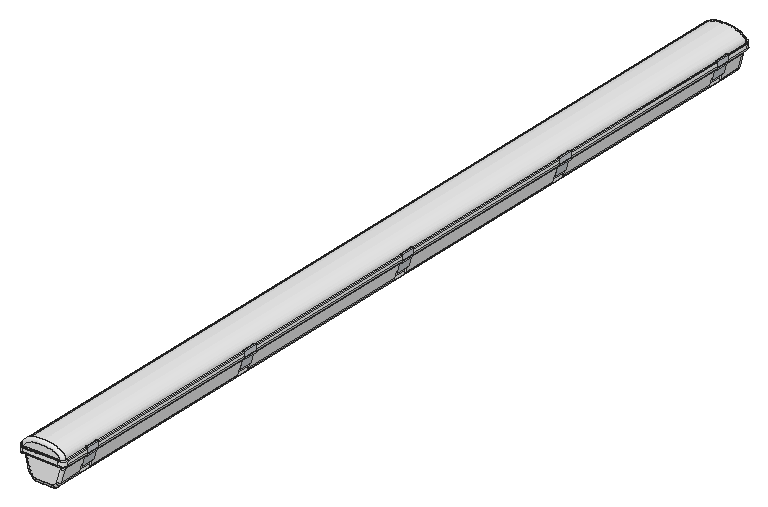
Revit family "0048756", category Lighting Fixtures, host Face, Revit 2017
Family settings
  Host = Face
  Round Connector Dimension = Use Diameter
  Part Type = Normal
  OmniClass Number = 23.80.70.11.14
  OmniClass Title = General Luminaries, Directional
  Cut with Voids When Loaded = Yes
  Light Source = Yes
  Shared = No
  Room Calculation Point = No
Parameters (values of type "0048756 SYLPROOF SUPERIA LED G3 1500mm S 4K QC SSH01")
  Width = 84 mm
  Weight = "2.09 kg"
  Wattage Comments = "n/a"
  Wattage = 33 W
  WarrantyStartDate [instance] = "n/a"
  WarrantyGuarantorParts = "n/a"
  WarrantyDurationUnit = "n/a"
  WarrantyDurationParts = "n/a"
  WarrantyDescription = "n/a"
  built-in parameter 1150110 = 1 (stored number, unit not read)
  Voltage = 230 V
  URL = "http://www.sylvania-lighting.com"
  TypeName = "SYLPROOF SUPERIA LED G3 1500mm S 4K QC SSH01"
  Type Image = <None>
  Type Comments = "n/a"
  built-in parameter 1114217 = 1 (stored number, unit not read)
  Tilt Angle = -90.00°
  built-in parameter 1150109 = 1 (stored number, unit not read)
  built-in parameter 1150134 = 12
  built-in parameter 1150113 = 1 (stored number, unit not read)
  SerialNumber [instance] = "n/a"
  ReflectorMaterial = none
  PowerFactor = 0
  PowerConsumption = "33 W"
  Photometric Web File = "0048756.ies"
  NominalWidth = 0 mm
  NominalLength = 1578 mm
  NominalHeight = 75 mm
  Name = "SYLPROOF SUPERIA LED G3 1500mm S 4K QC SSH01"
  ModelReference = "SYLPROOF SUPERIA LED G3 1500mm S 4K QC SSH01"
  ModelNumber = "0048756"
  Model = "SYLPROOF SUPERIA LED G3 1500mm S 4K QC SSH01"
  Material = "polycarbonate housing, polycarbonate diffuser"
  ManufacturerName = "Feilo Sylvania"
  Manufacturer = "Feilo Sylvania"
  LuminousEfficacy = "145 lm/W"
  built-in parameter 1150105 = 380.78 (stored number, unit not read)
  Lumens = 4785 lm
  LuminaireType = "Weatherproof"
  built-in parameter 1150115 = 1 (stored number, unit not read)
  LightOutputRatio = "n/a"
  built-in parameter 1150137 = (empty or 0)
  built-in parameter 1150139 = (empty or 0)
  Length = 1572 mm
  LampsType = Lamp  # "LED"
  LampNominalLuminous = "4800 lm"
  LampMacAdamStep = "3"
  LampColourTemperature = "4000 K"
  LampColourRenderingIndex = "80"
  built-in parameter 1150112 = 1 (stored number, unit not read)
  built-in parameter 1150114 = 1 (stored number, unit not read)
  Lamp = "LED"
  Keynote = "16500"
  InstallationDate [instance] = "n/a"
  InputVoltage = "220-240V~"
  InputNominalFrequency = "50/60 Hz"
  built-in parameter 1150132 = (empty or 0)
  built-in parameter 1150102 = (empty or 0)
  built-in parameter 1150107 = 4000 (stored number, unit not read)
  built-in parameter 1150138 = (empty or 0)
  IngressProtection = "IP65"
  ImpactProtectionIndex = "IK08"
  built-in parameter 1150106 = 3.8078 (stored number, unit not read)
  IfcExportType = "IfcLightFixtureType"
  IfcExportAs = "IfcLightFixtureType"
  ExpectedLife = 50000
  Emit from Rectangle Width = Width - 20 mm  # 64 mm
  Emit from Rectangle Length = Length - 20 mm  # 1552 mm
  Emit Shape Visible in Rendering = no
  ElectricShockClassification = "Class I"
  built-in parameter 1150104 = 13.471 (stored number, unit not read)
  DurationUnit = "hours"
  DocumentationLiterature = "http://www.sylvania-lighting.com/product/en-int/products/0048756"
  DimmingControlOptions = "Non dimmable"
  Dimming Lamp Color Temperature Shift = <None>
  DiffuserMaterial = Diffuser-Sylvania-Transparent
  Description = ""
  Default Elevation = 1219.2 mm
  CreatedOn = "11/9/2017"
  CreatedBy = ""
  Cost = 0
  Color Filter = 16777215
  built-in parameter 1114216 [instance] = (empty or 0)
  ClassificationValue = "EF_70_80"
  ClassificationName = "Uniclass2015"
  BodyMaterial = Body-Sylvania-Gray
  BarCode [instance] = "n/a"
  built-in parameter 1114218 = 1 (stored number, unit not read)
  built-in parameter 1150133 = 10 (stored number, unit not read)
  AssetType = "Fixed"
  AssetIdentifier [instance] = "n/a"
  Assembly Code = "D5020200"
  Apparent Load = 33 VA
  AccessoryMaterial = Diffuser-Sylvania-Glow
Reference planes
  plane 1 "Center (Front/Back)": y = 0
  plane 2: z = 0
  plane 3 "Center (Left/Right)": x = 0
  plane 4: z = 54
  plane 5: x = -14.7
  plane 6: x = -21.8
  plane 7: x = -26.6
  plane 8: x = -29.2
  plane 9: z = 3
  plane 10: z = 7.8
  plane 11: z = 12.3
  plane 12: z = 36.6
  plane 13: z = 42.8
  plane 14: x = -38.1
  plane 15: z = 46.2
  plane 16: x = -42
  plane 17: y = 786
  plane 18: y = -786
  plane 19: x = 14.7
  plane 20: x = 21.8
  plane 21: x = 26.6
  plane 22: x = 29.2
  plane 23: x = 38.1
  plane 24: x = 42
  plane 25: y = 778.4
  plane 26: y = -778.4
  plane 27: y = -774.7
  plane 28: y = 774.7
  plane 29: z = 74
  plane 30: x = -38.5
  plane 31: x = 38.5
  plane 32: z = 55.2
  plane 33: y = -782.5
  plane 34: y = 782.5
  plane 35: x = -24.5
  plane 36: x = 24.5
  plane 37: x = -35.7
  plane 38: x = 35.7
  plane 39: z = 50.2
  plane 40: z = 24.6
  plane 41: y = -720
  plane 42: y = -734
  plane 43: y = -706
  plane 44: y = 720
  plane 45: y = -720
  plane 46: y = -734
  plane 47: y = -706
  plane 48: y = 720
  plane 49: y = 706
  plane 50: y = 734
  plane 51: y = -360
  plane 52: y = -374
  plane 53: y = -346
  plane 54: y = 0
  plane 55: y = -14
  plane 56: y = 14
  plane 57: y = 360
  plane 58: y = 346
  plane 59: y = 374
Forms (mm)
  Sweep 1, solid, material "Body-Sylvania-Gray" <- "BodyMaterial", detail levels medium+fine
    path origin (1223.4, -4572, 54) x (0, -1, 0) y (1, 0, 0)
      loop
        arc (-3796, -1265.4) -> (-3788.929, -1262.471) -> (-3786, -1255.4) r 10
        line (-3786, -1255.4) -> (-3786, -1191.4)
        arc (-3786, -1191.4) -> (-3788.929, -1184.329) -> (-3796, -1181.4) r 10
        line (-3796, -1181.4) -> (-5348, -1181.4)
        arc (-5348, -1181.4) -> (-5355.071, -1184.329) -> (-5358, -1191.4) r 10
        line (-5358, -1191.4) -> (-5358, -1255.4)
        arc (-5358, -1255.4) -> (-5355.071, -1262.471) -> (-5348, -1265.4) r 10
        line (-5348, -1265.4) -> (-3796, -1265.4)
    profile origin (-42, 0, 54) x (-1, 0, 0) y (0, 0, 1)
      loop
        line (0, 0) -> (-1, 0) -> (-1, -7.726)
        arc (-1, -7.726) -> (-1.994, -9.498) -> (-3.9, -10.2) r 2.937
        line (-3.9, -10.2) -> (-8.571, -10.2) -> (-8.571, -11.2) -> (-3.9, -11.2)
        arc (-3.9, -11.2) -> (-1.313, -10.231) -> (0, -7.8) r 3.937
        line (0, -7.8) -> (0, 0)
  Sweep 2, solid, material "Body-Sylvania-Gray" <- "BodyMaterial", detail levels medium+fine
    path origin (0, 0, 0) x (1, 0, 0) y (0, 0, 1)
      loop
        line (35.7, 42.8) -> (35.7, 36.6) -> (29.203, 12.31)
        arc (29.203, 12.31) -> (28.199, 9.884) -> (26.6, 7.8) r 10.052
        line (26.6, 7.8) -> (21.8, 3)
        arc (21.8, 3) -> (18.554, 0.781) -> (14.7, 0) r 9.902
        line (14.7, 0) -> (0, 0) -> (-14.7, 0)
        arc (-14.7, 0) -> (-18.554, 0.781) -> (-21.8, 3) r 9.902
        line (-21.8, 3) -> (-26.6, 7.8)
        arc (-26.6, 7.8) -> (-28.199, 9.884) -> (-29.203, 12.31) r 10.052
        line (-29.203, 12.31) -> (-35.7, 36.6) -> (-35.7, 42.8)
    profile origin (0, 0, 0) x (0, 0, -1) y (0, -1, 0)
      loop
        arc (0, 773.4) -> (-1.464, 776.936) -> (-5, 778.4) r 5
        line (-5, 778.4) -> (-7.8, 778.4) -> (-7.8, -778.4) -> (-5, -778.4)
        arc (-5, -778.4) -> (-1.464, -776.936) -> (0, -773.4) r 5
        line (0, -773.4) -> (0, 773.4)
  Extrusion 3, solid, material "Body-Sylvania-Gray" <- "BodyMaterial", detail levels medium+fine
    sketch origin (1524, 778.4, 1219.2) x (1, 0, 0) y (0, 0, 1)
      loop
        arc (-1545.668, -1204.874) -> (-1545.443, -1205.418) -> (-1545.085, -1205.885) r 2.252
        line (-1545.085, -1205.885) -> (-1540.231, -1210.738)
        arc (-1540.231, -1210.738) -> (-1539.534, -1211.227) -> (-1538.7, -1211.4) r 2.102
        line (-1538.7, -1211.4) -> (-1509.3, -1211.4)
        arc (-1509.3, -1211.4) -> (-1508.466, -1211.227) -> (-1507.769, -1210.738) r 2.102
        line (-1507.769, -1210.738) -> (-1502.915, -1205.885)
        arc (-1502.915, -1205.885) -> (-1502.557, -1205.418) -> (-1502.332, -1204.874) r 2.252
        line (-1502.332, -1204.874) -> (-1496.1, -1181.575) -> (-1496.1, -1176.4) -> (-1551.9, -1176.4) -> (-1551.9, -1181.575) -> (-1545.668, -1204.874)
    from 0 to 1556.8
  Sweep 4, solid, material "Diffuser-Sylvania-Transparent" <- "DiffuserMaterial", detail levels medium+fine
    path origin (0, 0, 0) x (1, 0, 0) y (0, 0, 1)
      loop
        spline (-38.5, 55.2) -> (-37.188, 60.066) -> (-33.342, 64.6) -> (-27.224, 68.494) -> (-19.25, 71.481) -> (-9.965, 73.359) -> (0, 74) -> (9.965, 73.359) -> (19.25, 71.481) -> (27.224, 68.494) -> (33.342, 64.6) -> (37.188, 60.066) -> (38.5, 55.2)
    profile origin (38.5, 0, 55.2) x (0, -1, 0) y (1, 0, 0)
      loop
        arc (782.5, -5.5) -> (780.889, -1.611) -> (777, 0) r 5.5
        line (777, 0) -> (-777, 0)
        arc (-777, 0) -> (-780.889, -1.611) -> (-782.5, -5.5) r 5.5
        line (-782.5, -5.5) -> (-782.5, -6.3) -> (-781.5, -6.3) -> (-781.5, -5.5)
        arc (-781.5, -5.5) -> (-780.182, -2.318) -> (-777, -1) r 4.5
        line (-777, -1) -> (777, -1)
        arc (777, -1) -> (780.182, -2.318) -> (781.5, -5.5) r 4.5
        line (781.5, -5.5) -> (781.5, -6.347) -> (782.5, -6.347) -> (782.5, -5.5)
  Extrusion 5, solid, material "Diffuser-Sylvania-Transparent" <- "DiffuserMaterial", detail levels medium+fine
    sketch origin (1524, -782.5, 1219.2) x (1, 0, 0) y (0, 0, 1)
      loop
        line (-1556.653, -1164) -> (-1491.347, -1164)
        spline (-1491.347, -1164) -> (-1491.939, -1161.945) -> (-1494.434, -1159.066) -> (-1499.342, -1155.96) -> (-1506.338, -1153.35) -> (-1514.799, -1151.648) -> (-1524, -1151.047) -> (-1533.201, -1151.648) -> (-1541.662, -1153.35) -> (-1548.658, -1155.96) -> (-1553.566, -1159.066) -> (-1556.061, -1161.945) -> (-1556.653, -1164)
    from 0 to -1
  Extrusion 6, solid, material "Diffuser-Sylvania-Transparent" <- "DiffuserMaterial", detail levels medium+fine
    sketch origin (1524, 782.5, 1219.2) x (1, 0, 0) y (0, 0, 1)
      loop
        spline (-1491.3, -1164) -> (-1491.898, -1161.922) -> (-1494.404, -1159.03) -> (-1499.322, -1155.918) -> (-1506.325, -1153.305) -> (-1514.793, -1151.602) -> (-1524, -1151) -> (-1533.207, -1151.602) -> (-1541.675, -1153.305) -> (-1548.678, -1155.918) -> (-1553.596, -1159.03) -> (-1556.102, -1161.922) -> (-1556.7, -1164)
        line (-1556.7, -1164) -> (-1491.3, -1164)
    from 0 to 1
  Extrusion 7, solid, material "Diffuser-Sylvania-Glow" <- "AccessoryMaterial", detail levels fine
    sketch origin (0, 0, 0) x (1, 0, 0) y (0, 0, 1)
      loop
        circle (0, 50.2) r 8
    from -774.7 to 774.7
  Extrusion 8, void
    sketch origin (0, -720, 2343.807) x (0, 0, -1) y (-1, 0, 0)
      loop
        line (2340.807, -24.5) -> (2331.507, -24.5) -> (2319.207, -29.2) -> (2319.207, -35.7) -> (2340.807, -35.7) -> (2340.807, -24.5)
      loop
        line (2340.807, 24.5) -> (2340.807, 35.7) -> (2319.207, 35.7) -> (2319.207, 29.2) -> (2331.507, 24.5) -> (2340.807, 24.5)
    from 14 to -14
  Extrusion 9, void, not visible
    sketch origin (0, -720, 2343.807) x (0, 0, -1) y (-1, 0, 0)
      loop
        line (2340.807, -24.5) -> (2331.507, -24.5) -> (2319.207, -29.2) -> (2319.207, -35.7) -> (2340.807, -35.7) -> (2340.807, -24.5)
      loop
        line (2340.807, 24.5) -> (2340.807, 35.7) -> (2319.207, 35.7) -> (2319.207, 29.2) -> (2331.507, 24.5) -> (2340.807, 24.5)
    from 14 to -14
  Extrusion 10, void
    sketch origin (0, 720, 2343.807) x (0, 0, -1) y (-1, 0, 0)
      loop
        line (2340.807, -24.5) -> (2331.507, -24.5) -> (2319.207, -29.2) -> (2319.207, -35.7) -> (2340.807, -35.7) -> (2340.807, -24.5)
      loop
        line (2340.807, 24.5) -> (2340.807, 35.7) -> (2319.207, 35.7) -> (2319.207, 29.2) -> (2331.507, 24.5) -> (2340.807, 24.5)
    from 14 to -14
  Extrusion 11, void
    sketch origin (0, -360, 2343.807) x (0, 0, -1) y (-1, 0, 0)
      loop
        line (2340.807, -24.5) -> (2331.507, -24.5) -> (2319.207, -29.2) -> (2319.207, -35.7) -> (2340.807, -35.7) -> (2340.807, -24.5)
      loop
        line (2340.807, 24.5) -> (2340.807, 35.7) -> (2319.207, 35.7) -> (2319.207, 29.2) -> (2331.507, 24.5) -> (2340.807, 24.5)
    from 14 to -14
  Extrusion 12, void
    sketch origin (0, 0, 2343.807) x (0, 0, -1) y (-1, 0, 0)
      loop
        line (2340.807, -24.5) -> (2331.507, -24.5) -> (2319.207, -29.2) -> (2319.207, -35.7) -> (2340.807, -35.7) -> (2340.807, -24.5)
      loop
        line (2340.807, 24.5) -> (2340.807, 35.7) -> (2319.207, 35.7) -> (2319.207, 29.2) -> (2331.507, 24.5) -> (2340.807, 24.5)
    from 14 to -14
  Extrusion 13, void
    sketch origin (0, 360, 2343.807) x (0, 0, -1) y (-1, 0, 0)
      loop
        line (2340.807, -24.5) -> (2331.507, -24.5) -> (2319.207, -29.2) -> (2319.207, -35.7) -> (2340.807, -35.7) -> (2340.807, -24.5)
      loop
        line (2340.807, 24.5) -> (2340.807, 35.7) -> (2319.207, 35.7) -> (2319.207, 29.2) -> (2331.507, 24.5) -> (2340.807, 24.5)
    from 14 to -14
  Extrusion 14, solid, material "Diffuser-Sylvania-Transparent" <- "DiffuserMaterial", detail levels medium+fine
    sketch origin (1223.4, -4572, 54) x (0, -1, 0) y (-1, 0, 0)
      loop
        arc (-5348, 1265.4) -> (-5355.071, 1262.471) -> (-5358, 1255.4) r 10
        line (-5358, 1255.4) -> (-5358, 1191.4)
        arc (-5358, 1191.4) -> (-5355.071, 1184.329) -> (-5348, 1181.4) r 10
        line (-5348, 1181.4) -> (-3796, 1181.4)
        arc (-3796, 1181.4) -> (-3788.929, 1184.329) -> (-3786, 1191.4) r 10
        line (-3786, 1191.4) -> (-3786, 1255.4)
        arc (-3786, 1255.4) -> (-3788.929, 1262.471) -> (-3796, 1265.4) r 10
        line (-3796, 1265.4) -> (-5348, 1265.4)
      loop
        arc (-5354.5, 1190.394) -> (-5352.887, 1186.509) -> (-5349, 1184.9) r 5.5
        line (-5349, 1184.9) -> (-3795, 1184.9)
        arc (-3795, 1184.9) -> (-3791.113, 1186.509) -> (-3789.5, 1190.394) r 5.5
        line (-3789.5, 1190.394) -> (-3789.5, 1256.406)
        arc (-3789.5, 1256.406) -> (-3791.113, 1260.291) -> (-3795, 1261.9) r 5.5
        line (-3795, 1261.9) -> (-5349, 1261.9)
        arc (-5349, 1261.9) -> (-5352.887, 1260.291) -> (-5354.5, 1256.406) r 5.5
        line (-5354.5, 1256.406) -> (-5354.5, 1190.394)
    from 0 to -1.2
  Extrusion 15, solid, material "Body-Sylvania-Gray" <- "BodyMaterial", detail levels coarse
    sketch origin (0, 0, 0) x (1, 0, 0) y (0, 0, 1)
      loop
        line (-42, 55.2) -> (-42, 42.8) -> (-26.6, 0) -> (26.6, 0) -> (42, 42.8) -> (42, 55.2) -> (-42, 55.2)
    from -786 to 786
  Extrusion 16, solid, material "Diffuser-Sylvania-Transparent" <- "DiffuserMaterial", detail levels coarse
    sketch origin (0, 0, 0) x (1, 0, 0) y (0, 0, 1)
      loop
        line (-38.5, 55.2) -> (38.5, 55.2)
        arc (38.5, 55.2) -> (0, 74) -> (-38.5, 55.2) r 48.822
    from -778.4 to 778.4
Cuts and joins
  Extrusion 8, Extrusion 10, Extrusion 11, Extrusion 12, Extrusion 13 cuts Sweep 2
  Extrusion 8, Extrusion 10, Extrusion 11, Extrusion 12, Extrusion 13 cuts Extrusion 3
  joined: Sweep 2, Extrusion 3
  joined: Sweep 4, Extrusion 5, Extrusion 6, Extrusion 14
Dimensions and locks
  locked: plane 4 to plane 2 at 54
  plane 5 to plane 6 to plane 7 to plane 8 to plane 14 to plane 16 = 7.1 mm locked, 4.8 mm locked, 2.6 mm locked, 8.9 mm locked, 3.9 mm locked
  plane 4 to plane 15 to plane 13 to plane 12 to plane 11 to plane 10 to plane 9 = 7.8 mm locked, 3.4 mm, 6.2 mm locked, 24.3 mm locked, 4.5 mm locked, 4.8 mm locked
  equal spacing: plane 18, plane 1 "Center (Front/Back)", plane 17
  "Length": plane 18 to plane 17
  plane 19 to plane 20 to plane 21 to plane 22 to plane 23 to plane 24 = 7.1 mm locked, 4.8 mm locked, 2.6 mm locked, 8.9 mm, 3.9 mm
  equal spacing: plane 24, plane 3 "Center (Left/Right)", plane 16
  "Width": plane 24 to plane 16
  equal spacing: plane 27, plane 1 "Center (Front/Back)", plane 28
  locked: plane 26 to plane 27 at 3.7
  locked: Sweep 1 sketch curve to profile plane at 1
  locked: Sweep 1 sketch curve to plane 13 at 1
  locked: Sweep 1 sketch curve to plane 13 at 3.937  (x2)
  locked: Sweep 1 sketch curve to profile plane at 3.9  (x2)
  plane 29 to plane 4 = 20 mm
  equal spacing: plane 31, plane 3 "Center (Left/Right)", plane 30
  locked: plane 30 to plane 16 at 3.5
  locked: plane 32 to plane 4 at 1.2
  equal spacing: plane 33, plane 1 "Center (Front/Back)", plane 34
  equal spacing: plane 36, plane 3 "Center (Left/Right)", plane 35
  locked: plane 34 to plane 17 at 3.5
  equal spacing: plane 38, plane 3 "Center (Left/Right)", plane 37
  locked: plane 37 to plane 16 at 6.3
  equal spacing: plane 25, plane 1 "Center (Front/Back)", plane 26
  locked: plane 17 to plane 25 at 7.6
  locked: Sweep 2 sketch curve to plane 2 at 5  (x2)
  locked: Sweep 2 sketch curve to plane 26 at 5
  locked: plane 25 to Sweep 2 sketch curve at 5
  locked: Sweep 4 sketch curve to plane 31 at 5.5  (x2)
  locked: Sweep 4 sketch curve to plane 34 at 5.5
  plane 33 to Sweep 4 sketch curve = 5.5 mm
  locked: plane 34 to Sweep 4 sketch curve at 1
  locked: Sweep 4 sketch curve to plane 31 at 1
  locked: Sweep 4 sketch curve to Sweep 4 sketch curve at 1
  locked: Sweep 4 sketch curve to plane 31 at 6.347
  locked: Sweep 4 sketch curve to plane 31 at 6.3
  locked: plane 40 to plane 2 at 24.6
  locked: plane 6 to plane 35 at 2.7
  locked: plane 1 "Center (Front/Back)" to plane 41 at 720
  plane 43 to plane 41 to plane 42 = 14 mm locked, 14 mm locked
  locked: plane 44 to plane 1 "Center (Front/Back)" at 720
  plane 47 to plane 45 to plane 46 = 14 mm locked, 14 mm locked
  plane 50 to plane 48 to plane 49 = 14 mm locked, 14 mm locked  (x2)
  equal spacing: group 1, group 6, group 7, group 8, group 5  (x3)
  plane 53 to plane 51 to plane 52 = 14 mm locked, 14 mm locked  (x2)
  plane 56 to plane 54 to plane 55 = 14 mm locked, 14 mm locked  (x2)
  plane 59 to plane 57 to plane 58 = 14 mm locked, 14 mm locked  (x2)
  plane 48 to plane 57 to plane 1 "Center (Front/Back)" to plane 51 to plane 41 = 360 mm locked, 360 mm locked, 360 mm locked, 360 mm locked
  aligned and locked: plane 2 to host face
  aligned and locked: level to host face
  aligned and locked: plane 16 to Sweep 1 sketch curve
  aligned and locked: Sweep 1 sketch curve to plane 24
  aligned and locked: plane 18 to Sweep 1 sketch curve
  aligned and locked: Sweep 1 sketch curve to plane 13
  aligned and locked: profile plane to Sweep 1 sketch curve
  aligned and locked: plane 3 "Center (Left/Right)" to Sweep 2 sketch curve
  aligned and locked: plane 9 to Sweep 2 sketch curve
  aligned and locked: plane 10 to Sweep 2 sketch curve
  aligned and locked: plane 37 to Sweep 2 sketch curve
  aligned and locked: plane 12 to Sweep 2 sketch curve
  aligned and locked: Sweep 2 sketch curve to level
  aligned and locked: plane 21 to Sweep 2 sketch curve
  aligned and locked: plane 38 to Sweep 2 sketch curve
  aligned and locked: profile plane to Sweep 2 sketch curve
  aligned and locked: plane 25 to Sweep 2 sketch curve
  aligned and locked: Sweep 2 sketch curve to plane 10
  aligned and locked: Extrusion 3 sketch curve to Sweep 2  (x7)
  aligned and locked: Sweep 2 to Extrusion 3 sketch curve
  aligned and locked: Extrusion 3 to plane 25
  aligned and locked: plane 26 to Extrusion 3
  aligned and locked: plane 32 to Sweep 4 sketch curve
  aligned and locked: plane 33 to Sweep 4 sketch curve
  aligned and locked: Sweep 4 to Extrusion 5
  aligned and locked: plane 33 to Extrusion 5
  aligned and locked: plane 39 to Extrusion 7 sketch curve
  aligned and locked: plane 27 to Extrusion 7
  aligned and locked: Extrusion 7 to plane 28
  aligned and locked: Extrusion 6 sketch curve to Sweep 4
  aligned and locked: Extrusion 5 sketch curve to Sweep 4
  aligned and locked: Extrusion 8 to plane 43
  aligned and locked: plane 42 to Extrusion 8
  aligned and locked: Extrusion 10 to plane 50
  aligned and locked: plane 49 to Extrusion 10
  aligned and locked: Extrusion 11 to plane 53
  aligned and locked: plane 52 to Extrusion 11
  aligned and locked: Extrusion 12 to plane 56
  aligned and locked: plane 55 to Extrusion 12
  aligned and locked: Extrusion 13 to plane 59
  aligned and locked: plane 58 to Extrusion 13
  aligned and locked: plane 3 "Center (Left/Right)" to Extrusion 7 sketch curve
  aligned and locked: Extrusion 14 sketch curve to Sweep 1  (x4)
  aligned and locked: Extrusion 14 to plane 32
  aligned and locked: plane 4 to Extrusion 14
  aligned and locked: plane 48 to nested 1
  aligned and locked: plane 57 to nested 2
  aligned and locked: plane 54 to nested 3
  aligned and locked: nested 4 to plane 51
  aligned and locked: nested 5 to plane 41
  aligned and locked: plane 41 to nested 10
  aligned and locked: plane 51 to nested 9
  aligned and locked: plane 54 to nested 8
  aligned and locked: plane 57 to nested 7
  aligned and locked: plane 48 to nested 6
  aligned and locked: plane 1 "Center (Front/Back)" to imposter light
  aligned and locked: plane 3 "Center (Left/Right)" to imposter light
  aligned and locked: imposter light to plane 29
  aligned and locked: plane 7 to Extrusion 15 sketch curve
  aligned and locked: plane 2 to Extrusion 15 sketch curve
  aligned and locked: Extrusion 15 sketch curve to nested 6
  aligned and locked: Extrusion 15 sketch curve to nested 1
  aligned and locked: plane 18 to Extrusion 15
  aligned and locked: Extrusion 15 to plane 17
  aligned and locked: Extrusion 15 to Sweep 1  (x2)
  aligned and locked: plane 30 to Extrusion 16 sketch curve
  aligned and locked: plane 31 to Extrusion 16 sketch curve
  aligned and locked: Extrusion 16 sketch curve to cut or joined group of Sweep 4, Extrusion 5, Extrusion 6, Extrusion 14
  aligned and locked: Extrusion 16 to plane 25
  aligned and locked: plane 26 to Extrusion 16
Automatic sketch dimensions
  host sketch curve to host sketch curve = 2438.4 mm  (x2)
  plane 17 to Sweep 1 sketch curve = 0 mm
  Sweep 1 sketch curve to plane 28 = 1.3 mm
  Sweep 1 sketch curve to plane 7 = 5.4 mm
  plane 27 to Sweep 1 sketch curve = 1.3 mm  (x2)
  Sweep 1 sketch curve to Sweep 1 sketch curve = 4.671 mm
  Sweep 1 sketch curve to plane 4 = 0 mm
  Sweep 2 sketch curve to plane 7 = 0 mm
  Sweep 2 sketch curve to plane 6 = 0 mm
  Sweep 2 sketch curve to plane 5 = 0 mm
  plane 19 to Sweep 2 sketch curve = 0 mm
  Sweep 2 sketch curve to plane 9 = 0 mm
  plane 20 to Sweep 2 sketch curve = 0 mm
  Sweep 2 sketch curve to plane 12 = 0 mm
  Sweep 2 sketch curve to plane 10 = 0 mm
  Sweep 2 sketch curve to plane 13 = 0 mm  (x2)
  Sweep 2 sketch curve to plane 8 = 0.003 mm
  plane 6 to Sweep 2 sketch curve = 2.308 mm
  plane 20 to Sweep 2 sketch curve = 2.308 mm
  Sweep 2 sketch curve to plane 22 = 0.003 mm
  Sweep 2 sketch curve to plane 11 = 0.01 mm  (x2)
  Extrusion 3 sketch curve to plane 5 = 0 mm
  plane 19 to Extrusion 3 sketch curve = 0 mm
  plane 6 to Extrusion 3 sketch curve = 0.132 mm
  plane 6 to Extrusion 3 sketch curve = 0.715 mm
  Extrusion 3 sketch curve to Extrusion 3 sketch curve = 1.592 mm
  Extrusion 3 sketch curve to plane 10 = 0.662 mm  (x2)
  plane 20 to Extrusion 3 sketch curve = 2.308 mm
  plane 20 to Extrusion 3 sketch curve = 0.715 mm
  plane 20 to Extrusion 3 sketch curve = 0.132 mm
  Sweep 4 sketch curve to plane 30 = 0 mm
  Sweep 4 sketch curve to plane 3 "Center (Left/Right)" = 0 mm
  Sweep 4 sketch curve to Sweep 4 sketch curve = 0 mm  (x2)
  plane 37 to Extrusion 6 sketch curve = 3 mm
  Extrusion 6 sketch curve to plane 38 = 3 mm
  plane 37 to Extrusion 5 sketch curve = 3.047 mm
  Extrusion 5 sketch curve to plane 38 = 3.047 mm
  Extrusion 8 sketch curve to Extrusion 8 sketch curve = 0 mm
  Extrusion 8 sketch curve to Extrusion 8 sketch curve = 12.3 mm  (x2)
  Extrusion 8 sketch curve to Extrusion 8 sketch curve = 9.3 mm  (x2)
  Extrusion 8 sketch curve to Extrusion 8 sketch curve = 6.5 mm  (x2)
  Extrusion 8 sketch curve to Extrusion 8 sketch curve = 4.7 mm  (x2)
  Extrusion 8 sketch curve to Extrusion 8 sketch curve = 49 mm
  Extrusion 9 sketch curve to Extrusion 9 sketch curve = 0 mm
  Extrusion 9 sketch curve to Extrusion 9 sketch curve = 12.3 mm  (x2)
  Extrusion 9 sketch curve to Extrusion 9 sketch curve = 9.3 mm  (x2)
  Extrusion 9 sketch curve to Extrusion 9 sketch curve = 6.5 mm  (x2)
  Extrusion 9 sketch curve to Extrusion 9 sketch curve = 4.7 mm  (x2)
  Extrusion 9 sketch curve to Extrusion 9 sketch curve = 49 mm
  Extrusion 10 sketch curve to Extrusion 10 sketch curve = 0 mm
  Extrusion 10 sketch curve to Extrusion 10 sketch curve = 12.3 mm  (x2)
  Extrusion 10 sketch curve to Extrusion 10 sketch curve = 9.3 mm  (x2)
  Extrusion 10 sketch curve to Extrusion 10 sketch curve = 6.5 mm  (x2)
  Extrusion 10 sketch curve to Extrusion 10 sketch curve = 4.7 mm  (x2)
  Extrusion 10 sketch curve to Extrusion 10 sketch curve = 49 mm
  Extrusion 11 sketch curve to Extrusion 11 sketch curve = 0 mm
  Extrusion 11 sketch curve to Extrusion 11 sketch curve = 12.3 mm  (x2)
  Extrusion 11 sketch curve to Extrusion 11 sketch curve = 9.3 mm  (x2)
  Extrusion 11 sketch curve to Extrusion 11 sketch curve = 6.5 mm  (x2)
  Extrusion 11 sketch curve to Extrusion 11 sketch curve = 4.7 mm  (x2)
  Extrusion 11 sketch curve to Extrusion 11 sketch curve = 49 mm
  Extrusion 12 sketch curve to Extrusion 12 sketch curve = 0 mm
  Extrusion 12 sketch curve to Extrusion 12 sketch curve = 12.3 mm  (x2)
  Extrusion 12 sketch curve to Extrusion 12 sketch curve = 9.3 mm  (x2)
  Extrusion 12 sketch curve to Extrusion 12 sketch curve = 6.5 mm  (x2)
  Extrusion 12 sketch curve to Extrusion 12 sketch curve = 4.7 mm  (x2)
  Extrusion 12 sketch curve to Extrusion 12 sketch curve = 49 mm
  Extrusion 13 sketch curve to Extrusion 13 sketch curve = 0 mm
  Extrusion 13 sketch curve to Extrusion 13 sketch curve = 12.3 mm  (x2)
  Extrusion 13 sketch curve to Extrusion 13 sketch curve = 9.3 mm  (x2)
  Extrusion 13 sketch curve to Extrusion 13 sketch curve = 6.5 mm  (x2)
  Extrusion 13 sketch curve to Extrusion 13 sketch curve = 4.7 mm  (x2)
  Extrusion 13 sketch curve to Extrusion 13 sketch curve = 49 mm
  Extrusion 14 sketch curve to plane 34 = 0 mm
  plane 30 to Extrusion 14 sketch curve = 0 mm
  Extrusion 14 sketch curve to plane 31 = 0 mm
  plane 33 to Extrusion 14 sketch curve = 0 mm
  plane 25 to Extrusion 14 sketch curve = 1.4 mm  (x4)
  Extrusion 14 sketch curve to plane 26 = 1.4 mm  (x4)
  plane 37 to Extrusion 14 sketch curve = 2.694 mm  (x2)
  Extrusion 14 sketch curve to plane 38 = 2.694 mm  (x2)
  plane 21 to Extrusion 15 sketch curve = 0 mm
  Extrusion 15 sketch curve to plane 13 = 0 mm  (x2)
  Extrusion 15 sketch curve to plane 32 = 0 mm
  Extrusion 16 sketch curve to plane 40 = 0.578 mm
  radius of Extrusion 7 sketch curve = 8 mm
Nested families
  nested 1: "Clip" at (-29.2, 720, 24.6) x (-1, 0, 0) z (0, 0, 1), type "Clip", detail levels fine
  nested 2: "Clip" at (-29.2, 360, 24.6) x (-1, 0, 0) z (0, 0, 1), type "Clip", detail levels fine
  nested 3: "Clip" at (-29.2, 0, 24.6) x (-1, 0, 0) z (0, 0, 1), type "Clip", detail levels fine
  nested 4: "Clip" at (-29.2, -360, 24.6) x (-1, 0, 0) z (0, 0, 1), type "Clip", detail levels fine
  nested 5: "Clip" at (-29.2, -720, 24.6) x (-1, 0, 0) z (0, 0, 1), type "Clip", detail levels fine
  nested 6: "Clip" at (29.2, 720, 24.6), type "Clip", detail levels fine
  nested 7: "Clip" at (29.2, 360, 24.6), type "Clip", detail levels fine
  nested 8: "Clip" at (29.2, 0, 24.6), type "Clip", detail levels fine
  nested 9: "Clip" at (29.2, -360, 24.6), type "Clip", detail levels fine
  nested 10: "Clip" at (29.2, -720, 24.6), type "Clip", detail levels fine
Connectors
  electrical at (0, 0, 0), driven by "Apparent Load"
    settings: index 1, voltage 230 V, apparent load 33 VA, apparent load phase1 0 VA, apparent load phase2 0 VA, apparent load phase3 0 VA, power factor 0, load classification "Lighting", number of poles 1, system type 30, power factor state 1, is connector primary yes, connector utility no, sub classification motor no, connector description ""
Definition of nested family "Clip"
  Parameters (values of type "Clip")
    URL = "http://www.feilosylvania.com"
    Type Comments = "n/a"
    Model = "n/a"
    Manufacturer = "Feilo Sylvania"
    Keynote = "n/a"
    Description = "n/a"
    Default Elevation = 1219.2 mm
    Cost = 0
    BodyMaterial = none
    Assembly Code = "n/a"
  Reference planes
    plane 1 "Center (Front/Back)": y = 0
    plane 2: z = 0
    plane 3 "Center (Left/Right)": x = 0
    plane 4: x = 3.3
    plane 5: x = 6.5
    plane 6: x = 8.9
    plane 7: x = 12.8
    plane 8: z = 12
    plane 9: z = 18.2
    plane 10: z = 21.6
    plane 11: z = 30.6
    plane 12: x = 9.3
    plane 13: z = 19.2
    plane 14: z = 16.2
    plane 15: x = 10.1
    plane 16: y = 12
    plane 17: y = -12
  Forms (mm)
    Extrusion 1, solid
      sketch origin (-0.8, 0, 0) x (1, 0, 0) y (0, 1, 0)
        loop
          line (-1219.2, 1219.2) -> (-1219.2, -1219.2) -> (1219.2, -1219.2) -> (1219.2, 1219.2) -> (-1219.2, 1219.2)
      from 0 to -304.8
    Extrusion 2, solid
      sketch origin (0, 0, 0) x (1, 0, 0) y (0, 0, 1)
        loop
          line (8.9, 16.2) -> (4.58, 0) -> (0, 0) -> (0, -0.8) -> (5.195, -0.8) -> (9.603, 15.731) -> (13.6, 18.806) -> (13.6, 30.6)
          arc (13.6, 30.6) -> (11.45, 32.75) -> (9.3, 30.6) r 2.15
          line (9.3, 30.6) -> (10.1, 30.6)
          arc (10.1, 30.6) -> (11.45, 31.95) -> (12.8, 30.6) r 1.35
          line (12.8, 30.6) -> (12.8, 19.2) -> (8.9, 16.2)
      from -12 to 12
  Lines and regions (mm)
    reference lines
      curve 1: line (3.3, 0, 0) -> (6.5, 0, 12)
      curve 2: arc (8.9, 0, 18.2) -> (11.488, 0, 19.169) -> (12.8, 0, 21.6) r 3.934
  Dimensions and locks
    plane 7 to plane 6 to plane 5 to plane 4 to plane 3 "Center (Left/Right)" = 3.9 mm locked, 2.4 mm locked, 3.2 mm locked, 3.3 mm locked
    plane 11 to plane 10 to plane 9 to plane 8 to plane 2 = 9 mm locked, 3.4 mm locked, 6.2 mm locked, 12 mm locked
    locked: plane 7 to plane 12 at 3.5
    locked: plane 13 to plane 9 at 1
    locked: plane 9 to plane 14 at 2
    locked: plane 15 to plane 12 at 0.8
    locked: plane 2 to Extrusion 2 sketch curve at 0.8
    locked: Extrusion 2 sketch curve to Extrusion 2 sketch curve at 0.8  (x3)
    locked: plane 7 to Extrusion 2 sketch curve at 1.35
    equal spacing: plane 17, plane 1 "Center (Front/Back)", plane 16
    locked: plane 1 "Center (Front/Back)" to plane 16 at 12
    aligned and locked: plane 2 to Extrusion 1
    aligned and locked: level to Extrusion 1
    aligned and locked: plane 4 to curve 1
    aligned and locked: plane 5 to curve 1
    aligned and locked: plane 6 to curve 2
    aligned and locked: plane 10 to curve 2
    aligned and locked: plane 14 to Extrusion 2 sketch curve
    aligned and locked: plane 13 to Extrusion 2 sketch curve
    aligned and locked: plane 7 to Extrusion 2 sketch curve
    aligned and locked: plane 3 "Center (Left/Right)" to Extrusion 2 sketch curve
    aligned and locked: Extrusion 2 sketch curve to level
    aligned and locked: Extrusion 2 sketch curve to plane 11
    aligned and locked: plane 11 to Extrusion 2 sketch curve
    aligned and locked: Extrusion 2 to plane 16
    aligned and locked: plane 17 to Extrusion 2
  Automatic sketch dimensions
    Extrusion 1 sketch curve to Extrusion 1 sketch curve = 2438.4 mm  (x2)
    curve 2 to plane 7 = 0 mm
    curve 1 to level = 0 mm
    curve 1 to plane 8 = 0 mm
    curve 2 to plane 9 = 0 mm
    plane 6 to curve 2 = 0.002 mm
    Extrusion 2 sketch curve to Extrusion 2 sketch curve = 0 mm
    Extrusion 2 sketch curve to plane 6 = 0 mm
    plane 4 to Extrusion 2 sketch curve = 1.28 mm
